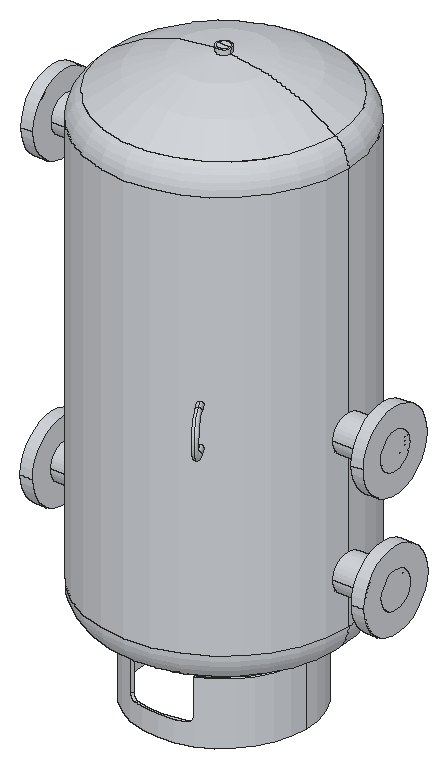
Revit family "HWBT-120-3-3-125 and 150", category Mechanical Equipment, Revit 2014
Parameters (values of type "HWBT-120-3-3-125 and 150")
  Tank Weight = "297 lbs @ 125, 327 lbs @ 150"
  Tank Volume = "120 Gal"
  Tank Height = "55 3/4\""
  Tank Diameter = "24\""
  Note = "All dimensions and weights are approximate"
  Maximum Acceptance Volume = "N/A"
  Max Operating Temp = "450° F"
  Max Operating Pressure = "125psi, or 150psi (depending on model)"
  Connector Size = "3\""
Reference planes (in)
  plane 1 "Center (Front/Back)": y = 0
  plane 2: z = 0
  plane 3 "Center (Left/Right)": x = 0
Forms (in)
  Extrusion 1, solid
    sketch origin (0, 0, 0) x (1, 0, 0) y (0, 1, 0)
      loop
        circle (0, 0) r 7.75261
      loop
        circle (0, 0) r 8
    from 0 to 6
  Extrusion 2, void
    sketch origin (0, 0, 0) x (1, 0, 0) y (0, 0, 1)
      loop
        line (-3, 6) -> (-3, 2.5)
        arc (-3, 2.5) -> (-2.85355, 2.14645) -> (-2.5, 2) r 0.5
        line (-2.5, 2) -> (2.5, 2)
        arc (2.5, 2) -> (2.85355, 2.14645) -> (3, 2.5) r 0.5
        line (3, 2.5) -> (3, 6.75) -> (-3, 6.75) -> (-3, 6)
    from 0 to 12
  Revolve 3, solid
    sketch origin (0, 0, 0) x (1, 0, 0) y (0, 0, 1)
      loop
        line (0, 56.26304) -> (-0.625, 56.26304)
        arc (-0.625, 56.26304) -> (-0.66919, 56.24473) -> (-0.6875, 56.20054) r 0.0625
        line (-0.6875, 56.20054) -> (-0.6875, 55.75002)
        arc (-0.6875, 55.75002) -> (-6.00045, 54.74293) -> (-10.78124, 52.21592) r 18.158
        arc (-10.78124, 52.21592) -> (-11.67803, 51.15405) -> (-12, 49.80196) r 3
        line (-12, 49.80196) -> (-12, 10.22411)
        arc (-12, 10.22411) -> (-11.67803, 8.87202) -> (-10.78124, 7.81016) r 3
        arc (-10.78124, 7.81016) -> (-6.00045, 5.28314) -> (-0.6875, 4.27606) r 18.158
        line (-0.6875, 4.27606) -> (-0.6875, 3.82554)
        arc (-0.6875, 3.82554) -> (-0.66919, 3.78134) -> (-0.625, 3.76304) r 0.0625
        line (-0.625, 3.76304) -> (0, 3.76304) -> (0, 56.26304)
      axis (0, 56.26304) -> (0, 3.76304)
    angle from 0 to 360
  Sweep 4, solid
    path origin (-3.10312, 4.94253, -16.53947) x (0.511725, -0.85915, 0) y (0, 0, 1)
      loop
        line (17.83546, 48.42089) -> (18.83546, 48.42089)
        arc (18.83546, 48.42089) -> (20.71046, 46.54589) -> (18.83546, 44.67089) r 1.875
        line (18.83546, 44.67089) -> (17.83546, 44.67089)
    profile origin (6.27959, -10.81038, 31.88142) x (0, 0, 1) y (-0.85915, -0.511725, 0)
      loop
        circle (0, 0) r 0.25
  Extrusion 5, solid
    sketch origin (0, 0, 0) x (0, 1, 0) y (0, 0, 1)
      loop
        circle (0, 27) r 1.75
    from 0 to 16.5
  Extrusion 6, solid
    sketch origin (0, 0, 0) x (0, 1, 0) y (0, 0, 1)
      loop
        circle (0, 45) r 1.75
    from 0 to -16.5
  Extrusion 7, solid
    sketch origin (0, 0, 0) x (0, 1, 0) y (0, 0, 1)
      loop
        circle (0, 27) r 3.8125
    from 15.3125 to 16.5
  Extrusion 8, solid
    sketch origin (0, 0, 0) x (0, 1, 0) y (0, 0, 1)
      loop
        circle (0, 45) r 3.8125
    from -15.3125 to -16.5
  Extrusion 9, solid
    sketch origin (0, 0, 0) x (0, 1, 0) y (0, 0, 1)
      loop
        circle (0, 15) r 1.75
    from 0 to 16.5625
  Extrusion 10, solid
    sketch origin (0, 0, 0) x (0, 1, 0) y (0, 0, 1)
      loop
        circle (0, 15) r 1.75
    from 0 to -16.5625
  Extrusion 11, solid
    sketch origin (0, 0, 0) x (0, 1, 0) y (0, 0, 1)
      loop
        circle (0, 15) r 3.8125
    from -15.375 to -16.5625
  Extrusion 12, solid
    sketch origin (0, 0, 0) x (0, 1, 0) y (0, 0, 1)
      loop
        circle (0, 15) r 3.8125
    from 15.375 to 16.5625
Cuts and joins
  Extrusion 2 cuts Extrusion 1
Dimensions and locks (in)
  aligned and locked: level to plane 2
